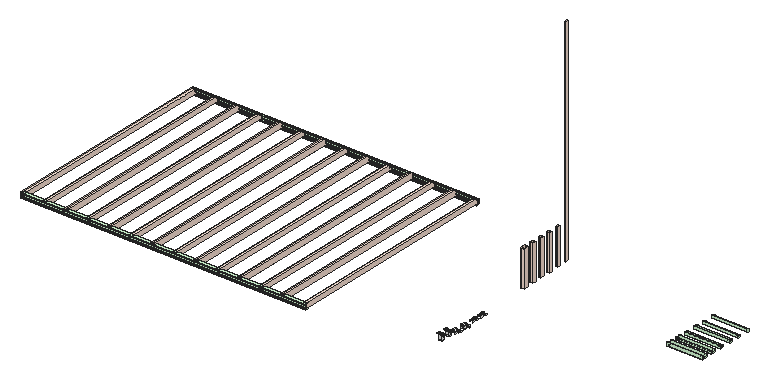
Revit family "SQ天井.", category 一般モデル, Revit 2022
Family settings
  鉄筋をホスト可能 = いいえ
  丸型コネクタ寸法 = 直径を使用
  パーツ タイプ = 標準
  作業面ベース = いいえ
  常に垂直 = はい
  ロード時にボイドで切り取り = いいえ
  注釈の向きを維持 = いいえ
  共有 = いいえ
  部屋計算ポイント = いいえ
Parameters
  製造元 = "株式会社桐井製作所"
  既定の高さ = 0 mm
  URL = "https://www.kirii.co.jp/"
  K_名称 = "SQ天井工法"
  K_バージョン情報 = "20250901"
Reference planes
  plane 1 "中心(正面/背面)": y = 0
  plane 2: z = 0
  plane 3 "中心(左/右)": x = 0
Lines and regions (mm)
  model lines
    curve 1: line (2053.885, 1646.972, 3.706) -> (3803.885, 1646.972, 3.706)
    curve 2: line (2053.885, 1646.972, 0) -> (2053.885, 342.323, 0)
    curve 3: line (3803.885, 1646.972, 0) -> (3803.885, 342.323, 0)
    curve 4: line (4103.885, 1646.972, 0) -> (4103.885, 342.323, 0)
    curve 5: line (4103.885, 342.323, 3.706) -> (5853.885, 342.323, 3.706)
    curve 6: line (5853.885, 1646.972, 0) -> (5853.885, 342.323, 0)
    curve 7: line (4103.885, 1646.972, 3.706) -> (5853.885, 1646.972, 3.706)
    curve 8: line (2053.885, 142.323, 3.706) -> (3803.885, 142.323, 3.706)
    curve 9: line (2053.885, 142.323, 0) -> (2053.885, -1137.677, 0)
    curve 10: line (2053.885, -1137.677, 3.706) -> (3803.885, -1137.677, 3.706)
    curve 11: line (3803.885, 142.323, 0) -> (3803.885, -1137.677, 0)
    curve 12: line (2053.885, 342.323, 3.706) -> (3803.885, 342.323, 3.706)
Text (mm)
  text "JIS19型" at (-1841.604, 2062.91, 5447.439), in view "ビュー 1"
  text "スタッド" at (2194.065, 1518.272, -53.41), in view "{3D}"
  text "・SQ-BAR4020" at (2294.392, 1305.581, -53.41), in view "{3D}"
  text "・SQ-BAR4025" at (2294.392, 1153.599, -53.41), in view "{3D}"
  text "・SQ-BAR4040" at (2294.392, 1003.599, -53.41), in view "{3D}"
  text "・SQ-BAR4045" at (2294.392, 855.581, -53.41), in view "{3D}"
  text "・SQ-BAR4050" at (2294.392, 703.599, -53.41), in view "{3D}"
  text "ランナー" at (4244.065, 1518.272, -53.41), in view "{3D}"
  text "・SQ-ランナー20" at (4344.392, 1305.581, -53.41), in view "{3D}"
  text "・SQ-ランナー25" at (4344.392, 1153.599, -53.41), in view "{3D}"
  text "・SQ-ランナー40" at (4344.392, 1003.599, -53.41), in view "{3D}"
  text "・SQ-ランナー45" at (4344.392, 855.581, -53.41), in view "{3D}"
  text "・SQ-ランナー50" at (4344.392, 703.599, -53.41), in view "{3D}"
  text "SQ天井工法" at (-2610.049, 1856.504, -53.41), in view "{3D}"
  text "・SQ-ランナー65" at (4344.392, 553.599, -53.41), in view "{3D}"
  text "SQ関連部材" at (2194.065, 13.623, -53.41), in view "{3D}"
  text "・新SQハンガー" at (2294.392, -199.068, -53.41), in view "{3D}"
  text "・新SQハンガー4020" at (2294.392, -351.05, -53.41), in view "{3D}"
  text "・新SQ-Tクリップ" at (2294.392, -501.05, -53.41), in view "{3D}"
  text "・SQ-Tクリップ(4020用)" at (2294.392, -649.068, -53.41), in view "{3D}"
  text "・SQクリップ4040" at (2294.392, -801.05, -53.41), in view "{3D}"
  text "・SQ-BAR4565" at (2294.392, 553.599, -53.41), in view "{3D}"
  text "・SQクリップ4045" at (2294.392, -941.05, -53.41), in view "{3D}"
  text "※適用スパンを超える場合および、開口部に使用" at (2846.994, -1040.688, -53.41), in view "{3D}"
Dimensions and locks
  aligned and locked: level to plane 2
Nested families
  nested 1: "runner_wr50" at (5032.945, 662.338, 0), type "runner_wr50"
    with K_長さ(mm) 500 mm, K_JIS外 no, K_JIS yes
  nested 2: "runner_wr65" at (5032.945, 512.338, 0), type "runner_wr65"
    with K_長さ(mm) 500 mm, K_JIS外 no, K_JIS yes
  nested 3: "sqrunner_20" at (5032.945, 1266.972, 0), type "sqrunner_20"
    with K_長さ(mm) 500 mm
  nested 4: "sqrunner_25" at (5032.945, 1111.972, 0), type "sqrunner_25"
    with K_長さ(mm) 500 mm
  nested 5: "sq4025" at (2991.541, 1116.902, 0), type "sq4025"
    with K_長さ(mm) 500 mm
  nested 6: "sqrunner_40" at (5032.945, 966.972, 0), type "sqrunner_40"
    with K_長さ(mm) 500 mm
  nested 7: "sq4040" at (2999.01, 963.691, 0), type "sq4040"
    with K_長さ(mm) 500 mm
  nested 8: "sqrunner_45" at (5032.945, 811.972, 0), type "sqrunner_45"
    with K_長さ(mm) 500 mm
  nested 9: "sq4045" at (2999.01, 819.472, 0), type "sq4045"
    with K_長さ(mm) 500 mm
  nested 10: "sq4050" at (2999.01, 672.219, 0), type "sq4050"
    with K_長さ(mm) 500 mm
  nested 11: "sq4565" at (3001.51, 527.323, 0), type "sq4565"
    with K_長さ(mm) 500 mm
  nested 12: "newsqhanger_4020" at (3023.885, -397.677, 0), type "newsqhanger_4020"
  nested 13: "newsqhanger" at (3023.885, -257.677, 0), type "newsqhanger"
  nested 14: "newsq-tclip_4020" at (3023.885, -707.677, 0), type "newsq-tclip_4020"
  nested 15: "newsq-tclip" at (3023.885, -552.677, 0), type "newsq-tclip"
  nested 16: "sqclip_4045" at (3023.885, -957.677, 0), type "sqclip_4045"
  nested 17: "sqclip_4040" at (3023.885, -837.677, 0), type "sqclip_4040"
  nested 18: "runner_wr65" at (-2546.115, 1656.972, 33.5) x (1, 0, 0) z (0, -1, 0), type "runner_wr65"
    with K_長さ(mm) 4000 mm, K_JIS外 no, K_JIS yes
  nested 19: "runner_wr65" at (-2546.115, -1365.447, 33.5) x (1, 0, 0) z (0, 1, 0), type "runner_wr65"
    with K_長さ(mm) 4000 mm, K_JIS外 no, K_JIS yes
  nested 20: "sq4565" at (-2523.615, -1353.828, 33.49) x (1, 0, 0) z (0, 1, 0), type "sq4565"
    with K_長さ(mm) 3000 mm
  nested 21: "sq4565" at (-2220.615, -1353.828, 33.49) x (1, 0, 0) z (0, 1, 0), type "sq4565"
    with K_長さ(mm) 3000 mm
  nested 22: "sq4565" at (-1917.615, -1353.828, 33.49) x (1, 0, 0) z (0, 1, 0), type "sq4565"
    with K_長さ(mm) 3000 mm
  nested 23: "sq4565" at (-1614.615, -1353.828, 33.49) x (1, 0, 0) z (0, 1, 0), type "sq4565"
    with K_長さ(mm) 3000 mm
  nested 24: "sq4565" at (-1311.615, -1353.828, 33.49) x (1, 0, 0) z (0, 1, 0), type "sq4565"
    with K_長さ(mm) 3000 mm
  nested 25: "sq4565" at (-1008.115, -1353.828, 33.49) x (1, 0, 0) z (0, 1, 0), type "sq4565"
    with K_長さ(mm) 3000 mm
  nested 26: "sq4565" at (-705.115, -1353.828, 33.49) x (1, 0, 0) z (0, 1, 0), type "sq4565"
    with K_長さ(mm) 3000 mm
  nested 27: "sq4565" at (-402.115, -1353.828, 33.49) x (1, 0, 0) z (0, 1, 0), type "sq4565"
    with K_長さ(mm) 3000 mm
  nested 28: "sq4565" at (-99.115, -1353.828, 33.49) x (1, 0, 0) z (0, 1, 0), type "sq4565"
    with K_長さ(mm) 3000 mm
  nested 29: "sq4565" at (203.885, -1353.828, 33.49) x (1, 0, 0) z (0, 1, 0), type "sq4565"
    with K_長さ(mm) 3000 mm
  nested 30: "sq4565" at (506.885, -1353.828, 33.49) x (1, 0, 0) z (0, 1, 0), type "sq4565"
    with K_長さ(mm) 3000 mm
  nested 31: "sq4565" at (810.385, -1353.828, 33.49) x (1, 0, 0) z (0, 1, 0), type "sq4565"
    with K_長さ(mm) 3000 mm
  nested 32: "sq4565" at (1113.385, -1353.828, 33.49) x (1, 0, 0) z (0, 1, 0), type "sq4565"
    with K_長さ(mm) 3000 mm
  nested 33: "sq4565" at (1416.885, -1353.828, 33.49) x (1, 0, 0) z (0, 1, 0), type "sq4565"
    with K_長さ(mm) 3000 mm
  nested 34: "sq4020." at (2989.01, 1273.456, 0), type "sq4020."
    with K_長さ(mm) 3000 mm
Definition of nested family "runner_wr50"
  Parameters (values of type "runner_wr50")
    Manufacturer = "株式会社桐井製作所"
    Default Elevation = 0 mm
    URL = "https://www.kirii.co.jp/"
    K_長さ(mm) [instance] = 4000 mm
    K_材質 = "SGCCまたはSGHC　一般用"
    K_断面積A(mm2) = 103.5
    K_断面係数Zy(mm3) = 1921
    K_断面係数Zx(mm3) = 651.9
    K_断面2次半径iy(mm) = 22
    K_断面2次半径ix(mm) = 13.2
    K_断面2次モーメントIy(mm4) = 49970
    K_断面2次モーメントIx(mm4) = 17920
    K_外形寸法(mm) = "52×40×0.8"
    K_品名 = "WR-50"
    K_名称 = "ランナー"
    K_単位質量(kg/m) = 0.836
    K_ヤング係数E(N/mm2) = 205000
    K_バージョン情報 = "20210524"
    K_めっき付着量 = "Z12"
    K_JIS規格 = "JIS G 3302"
    K_JIS外 [instance] = not(K_JIS)  # no
    K_JIS [instance] = yes
  Reference planes
    plane 1 "中心(正面/背面)": y = 0
    plane 2: z = 0
    plane 3 "中心(左/右)": x = 0
    plane 4: x = 4000
    plane 5: y = -26
    plane 6: y = 26
    plane 7: z = 40
    plane 8: y = 26
    plane 9: y = -26
  Forms (mm)
    Extrusion 1, solid
      sketch origin (0, 0, 0) x (0, 1, 0) y (0, 0, 1)
        loop
          line (-26, 0) -> (-16.01, 0) -> (-15.21, 0.8) -> (-6.81, 0.8) -> (-6.01, 0) -> (5.962, 0) -> (6.781, 0.819) -> (15.181, 0.819) -> (16, 0) -> (26, 0) -> (26, 40) -> (25.2, 40) -> (25.2, 0.8) -> (16.331, 0.8) -> (15.512, 1.619) -> (6.449, 1.619) -> (5.63, 0.8) -> (-5.679, 0.8) -> (-6.479, 1.6) -> (-15.541, 1.6) -> (-16.341, 0.8) -> (-25.2, 0.8) -> (-25.2, 40) -> (-26, 40) -> (-26, 0)
      from 0 to 4000
  Dimensions and locks
    "K_長さ(mm)": plane 3 "中心(左/右)" to plane 4
    aligned and locked: level to plane 2
    aligned and locked: plane 4 to Extrusion 1
    aligned and locked: Extrusion 1 sketch curve to plane 6
    aligned and locked: plane 5 to Extrusion 1 sketch curve
    aligned and locked: Extrusion 1 to plane 4
  Automatic sketch dimensions
    Extrusion 1 sketch curve to plane 7 = 0 mm  (x2)
    Extrusion 1 sketch curve to level = 0 mm  (x3)
    level to Extrusion 1 sketch curve = 0.8 mm  (x4)
    Extrusion 1 sketch curve to Extrusion 1 sketch curve = 0.331 mm  (x8)
    level to Extrusion 1 sketch curve = 1.6 mm
    Extrusion 1 sketch curve to Extrusion 1 sketch curve = 0.8 mm  (x2)
    plane 1 "中心(正面/背面)" to Extrusion 1 sketch curve = 6.81 mm
    Extrusion 1 sketch curve to plane 1 "中心(正面/背面)" = 5.63 mm
    Extrusion 1 sketch curve to Extrusion 1 sketch curve = 0.819 mm  (x2)
    level to Extrusion 1 sketch curve = 0.819 mm
    Extrusion 1 sketch curve to Extrusion 1 sketch curve = 8.4 mm
    level to Extrusion 1 sketch curve = 1.619 mm
    plane 6 to Extrusion 1 sketch curve = 0.8 mm
    Extrusion 1 sketch curve to plane 5 = 0.8 mm
    Extrusion 1 sketch curve to Extrusion 1 sketch curve = 8.859 mm
Definition of nested family "runner_wr65"
  Parameters (values of type "runner_wr65")
    Manufacturer = "株式会社桐井製作所"
    Default Elevation = 0 mm
    URL = "https://www.kirii.co.jp/"
    K_長さ(mm) [instance] = 4000 mm
    K_材質 = "SGCCまたはSGHC　一般用"
    K_断面積A(mm2) = 115.5
    K_断面係数Zy(mm3) = 2624
    K_断面係数Zx(mm3) = 678.4
    K_断面2次半径iy(mm) = 27.6
    K_断面2次半径ix(mm) = 13
    K_断面2次モーメントIy(mm4) = 87930
    K_断面2次モーメントIx(mm4) = 19500
    K_外形寸法(mm) = "67×40×0.8"
    K_品名 = "WR-65"
    K_名称 = "ランナー"
    K_単位質量(kg/m) = 0.933
    K_ヤング係数E(N/mm2) = 205000
    K_バージョン情報 = "20210524"
    K_めっき付着量 = "Z12"
    K_JIS規格 = "JIS G 3302"
    K_JIS外 [instance] = not(K_JIS)  # no
    K_JIS [instance] = yes
  Reference planes
    plane 1 "中心(正面/背面)": y = 0
    plane 2: z = 0
    plane 3 "中心(左/右)": x = 0
    plane 4: x = 4000
    plane 5: y = -33.5
    plane 6: y = 33.5
    plane 7: y = 33.5
    plane 8: y = -33.5
    plane 9: z = 40
  Forms (mm)
    Extrusion 1, solid
      sketch origin (0, 0, 0) x (0, 1, 0) y (0, 0, 1)
        loop
          line (13.491, 0) -> (14.31, 0.819) -> (22.71, 0.819) -> (23.529, 0) -> (33.5, 0) -> (33.5, 40) -> (32.7, 40) -> (32.7, 0.8) -> (23.86, 0.8) -> (23.041, 1.619) -> (13.979, 1.619) -> (13.159, 0.8) -> (-13.179, 0.8) -> (-13.979, 1.6) -> (-23.041, 1.6) -> (-23.841, 0.8) -> (-32.7, 0.8) -> (-32.7, 40) -> (-33.5, 40) -> (-33.5, 0) -> (-23.51, 0) -> (-22.71, 0.8) -> (-14.31, 0.8) -> (-13.51, 0) -> (13.491, 0)
      from 0 to 4000
  Dimensions and locks
    "K_長さ(mm)": plane 3 "中心(左/右)" to plane 4
    aligned and locked: level to plane 2
    aligned and locked: plane 4 to Extrusion 1
    aligned and locked: Extrusion 1 sketch curve to plane 6
    aligned and locked: plane 5 to Extrusion 1 sketch curve
    aligned and locked: Extrusion 1 to plane 4
  Automatic sketch dimensions
    Extrusion 1 sketch curve to level = 0 mm  (x3)
    Extrusion 1 sketch curve to Extrusion 1 sketch curve = 0.8 mm  (x5)
    level to Extrusion 1 sketch curve = 0.8 mm  (x4)
    Extrusion 1 sketch curve to Extrusion 1 sketch curve = 8.859 mm
    Extrusion 1 sketch curve to Extrusion 1 sketch curve = 0.331 mm  (x8)
    Extrusion 1 sketch curve to Extrusion 1 sketch curve = 8.4 mm  (x2)
    level to Extrusion 1 sketch curve = 1.6 mm
    Extrusion 1 sketch curve to plane 1 "中心(正面/背面)" = 13.159 mm
    Extrusion 1 sketch curve to Extrusion 1 sketch curve = 0.819 mm  (x2)
    level to Extrusion 1 sketch curve = 0.819 mm
    Extrusion 1 sketch curve to Extrusion 1 sketch curve = 39.2 mm  (x2)
Definition of nested family "sqrunner_20"
  Parameters (values of type "sqrunner_20")
    Manufacturer = "株式会社桐井製作所"
    Default Elevation = 0 mm
    URL = "https://www.kirii.co.jp/"
    K_長さ(mm) [instance] = 4000 mm
    K_材質 = "SGCC　一般用"
    K_外形寸法(mm) = "22×40×30"
    K_品名 = "SQ-ランナー20"
    K_名称 = "角型スタッド用ランナー"
    K_バージョン情報 = "20210524"
    K_めっき付着量 = "Z08"
    K_JIS規格 = "JIS G 3302"
  Reference planes
    plane 1 "中心(正面/背面)": y = 0
    plane 2: z = 0
    plane 3 "中心(左/右)": x = 0
    plane 4: x = 4000
    plane 5: y = 11
    plane 6: y = -11
  Forms (mm)
    Extrusion 1, solid
      sketch origin (0, 0, 0) x (0, 1, 0) y (0, 0, 1)
        loop
          line (-11, 0) -> (11, 0) -> (11, 30) -> (10.2, 30) -> (10.2, 0.8) -> (-10.2, 0.8) -> (-10.2, 40) -> (-11, 40) -> (-11, 0)
      from 0 to 4000
  Dimensions and locks
    "K_長さ(mm)": plane 3 "中心(左/右)" to plane 4
    aligned and locked: level to plane 2
    aligned and locked: plane 4 to Extrusion 1
    aligned and locked: Extrusion 1 to plane 4
  Automatic sketch dimensions
    Extrusion 1 sketch curve to level = 0 mm
    Extrusion 1 sketch curve to plane 6 = 0 mm
    Extrusion 1 sketch curve to Extrusion 1 sketch curve = 0.8 mm  (x2)
    level to Extrusion 1 sketch curve = 0.8 mm
    Extrusion 1 sketch curve to Extrusion 1 sketch curve = 39.2 mm
    Extrusion 1 sketch curve to Extrusion 1 sketch curve = 29.2 mm
    Extrusion 1 sketch curve to plane 5 = 0 mm
Definition of nested family "sqrunner_25"
  Parameters (values of type "sqrunner_25")
    Manufacturer = "株式会社桐井製作所"
    Default Elevation = 0 mm
    URL = "https://www.kirii.co.jp/"
    K_長さ(mm) [instance] = 4000 mm
    K_材質 = "SGCC　一般用"
    K_外形寸法(mm) = "27×40×30"
    K_品名 = "SQ-ランナー25"
    K_名称 = "角型スタッド用ランナー"
    K_バージョン情報 = "20210524"
    K_めっき付着量 = "Z08"
    K_JIS規格 = "JIS G 3302"
  Reference planes
    plane 1 "中心(正面/背面)": y = 0
    plane 2: z = 0
    plane 3 "中心(左/右)": x = 0
    plane 4: x = 4000
    plane 5: y = 13.5
    plane 6: y = -13.5
  Forms (mm)
    Extrusion 1, solid
      sketch origin (0, 0, 0) x (0, 1, 0) y (0, 0, 1)
        loop
          line (-13.5, 0) -> (13.5, 0) -> (13.5, 30) -> (12.7, 30) -> (12.7, 0.8) -> (-12.7, 0.8) -> (-12.7, 40) -> (-13.5, 40) -> (-13.5, 0)
      from 0 to 4000
  Dimensions and locks
    "K_長さ(mm)": plane 3 "中心(左/右)" to plane 4
    aligned and locked: level to plane 2
    aligned and locked: plane 4 to Extrusion 1
    aligned and locked: Extrusion 1 to plane 4
  Automatic sketch dimensions
    Extrusion 1 sketch curve to level = 0 mm
    Extrusion 1 sketch curve to plane 6 = 0 mm
    Extrusion 1 sketch curve to Extrusion 1 sketch curve = 0.8 mm  (x2)
    level to Extrusion 1 sketch curve = 0.8 mm
    Extrusion 1 sketch curve to Extrusion 1 sketch curve = 39.2 mm
    Extrusion 1 sketch curve to Extrusion 1 sketch curve = 29.2 mm
    Extrusion 1 sketch curve to plane 5 = 0 mm
Definition of nested family "sq4025"
  Parameters (values of type "sq4025")
    Manufacturer = "株式会社桐井製作所"
    Default Elevation = 0 mm
    URL = "https://www.kirii.co.jp/"
    K_長さ(mm) [instance] = 3000 mm
    K_材質 = "SGCC　一般用"
    K_断面積A(mm2) = 61.3
    K_断面係数Zy(mm3) = 657.2
    K_断面係数Zx(mm3) = 488.3
    K_断面2次半径iy(mm) = 15.3
    K_断面2次半径ix(mm) = 10
    K_断面2次モーメントIy(mm4) = 14330
    K_断面2次モーメントIx(mm4) = 6104
    K_外形寸法(mm) = "□40×25"
    K_品名 = "SQ-BAR4025"
    K_名称 = "角型スタッド"
    K_単位質量(kg/m) = 0.498
    K_ヤング係数E(N/mm2) = 205000
    K_バージョン情報 = "20210524"
    K_めっき付着量 = "Z08"
    K_JIS規格 = "JIS G 3302"
  Reference planes
    plane 1 "中心(正面/背面)": y = 0
    plane 2: z = 0
    plane 3 "中心(左/右)": x = 0
    plane 4: x = 12.5
    plane 5: x = -12.5
    plane 6: y = 20
    plane 7: z = 3000
    plane 8: y = -20
  Forms (mm)
    Extrusion 1, solid
      sketch origin (0.5, -20, 0) x (1, 0, 0) y (0, 1, 0)
        loop
          line (-13, 40) -> (-13, 0) -> (12, 0) -> (12, 40) -> (-13, 40)
        loop
          line (-12.5, 39.5) -> (-12.5, 0.5) -> (11.5, 0.5) -> (11.5, 39.5) -> (-12.5, 39.5)
      from 0 to 3000
  Dimensions and locks
    locked: Extrusion 1 sketch curve to Extrusion 1 sketch curve at 0.5  (x4)
    "K_長さ(mm)": plane 7 to level
    aligned and locked: level to plane 2
    aligned and locked: Extrusion 1 sketch curve to plane 6
    aligned and locked: plane 7 to Extrusion 1
    aligned and locked: plane 6 to Extrusion 1
    aligned and locked: Extrusion 1 to plane 8
    aligned and locked: Extrusion 1 to plane 5
    aligned and locked: plane 4 to Extrusion 1
  Automatic sketch dimensions
    Extrusion 1 sketch curve to plane 4 = 0.5 mm
    plane 5 to Extrusion 1 sketch curve = 0.5 mm
    plane 1 "中心(正面/背面)" to Extrusion 1 sketch curve = 19.5 mm
Definition of nested family "sqrunner_40"
  Parameters (values of type "sqrunner_40")
    Manufacturer = "株式会社桐井製作所"
    Default Elevation = 0 mm
    URL = "https://www.kirii.co.jp/"
    K_長さ(mm) [instance] = 4000 mm
    K_材質 = "SGCC　一般用"
    K_外形寸法(mm) = "42×40×30"
    K_品名 = "SQ-ランナー40"
    K_名称 = "角型スタッド用ランナー"
    K_バージョン情報 = "20210524"
    K_めっき付着量 = "Z08"
    K_JIS規格 = "JIS G 3302"
  Reference planes
    plane 1 "中心(正面/背面)": y = 0
    plane 2: z = 0
    plane 3 "中心(左/右)": x = 0
    plane 4: x = 4000
    plane 5: y = 21
    plane 6: y = -21
  Forms (mm)
    Extrusion 1, solid
      sketch origin (0, 0, 0) x (0, 1, 0) y (0, 0, 1)
        loop
          line (-21, 0) -> (21, 0) -> (21, 30) -> (20.2, 30) -> (20.2, 0.8) -> (-20.2, 0.8) -> (-20.2, 40) -> (-21, 40) -> (-21, 0)
      from 0 to 4000
  Dimensions and locks
    "K_長さ(mm)": plane 3 "中心(左/右)" to plane 4
    aligned and locked: level to plane 2
    aligned and locked: plane 4 to Extrusion 1
    aligned and locked: Extrusion 1 to plane 4
  Automatic sketch dimensions
    Extrusion 1 sketch curve to level = 0 mm
    Extrusion 1 sketch curve to plane 6 = 0 mm
    Extrusion 1 sketch curve to Extrusion 1 sketch curve = 0.8 mm  (x2)
    level to Extrusion 1 sketch curve = 0.8 mm
    Extrusion 1 sketch curve to Extrusion 1 sketch curve = 39.2 mm
    Extrusion 1 sketch curve to Extrusion 1 sketch curve = 29.2 mm
    Extrusion 1 sketch curve to plane 5 = 0 mm
Definition of nested family "sq4040"
  Parameters (values of type "sq4040")
    Manufacturer = "株式会社桐井製作所"
    Default Elevation = 0 mm
    URL = "https://www.kirii.co.jp/"
    K_長さ(mm) [instance] = 3000 mm
    K_材質 = "SGCC　一般用"
    K_断面積A(mm2) = 76.8
    K_断面係数Zy(mm3) = 944.7
    K_断面係数Zx(mm3) = 889
    K_断面2次半径iy(mm) = 16.3
    K_断面2次半径ix(mm) = 15.2
    K_断面2次モーメントIy(mm4) = 20440
    K_断面2次モーメントIx(mm4) = 17780
    K_外形寸法(mm) = "□40×40"
    K_品名 = "SQ-BAR4040"
    K_名称 = "角型スタッド"
    K_単位質量(kg/m) = 0.624
    K_ヤング係数E(N/mm2) = 205000
    K_バージョン情報 = "20210524"
    K_めっき付着量 = "Z08"
    K_JIS規格 = "JIS G 3302"
  Reference planes
    plane 1 "中心(正面/背面)": y = 0
    plane 2: z = 0
    plane 3 "中心(左/右)": x = 0
    plane 4: x = 20
    plane 5: x = -20
    plane 6: y = 20
    plane 7: z = 3000
    plane 8: y = -20
  Forms (mm)
    Extrusion 1, solid
      sketch origin (0.5, -20, 0) x (1, 0, 0) y (0, 1, 0)
        loop
          line (-20.5, 40) -> (-20.5, 0) -> (19.5, 0) -> (19.5, 40) -> (-20.5, 40)
        loop
          line (-20, 39.5) -> (-20, 0.5) -> (19, 0.5) -> (19, 39.5) -> (-20, 39.5)
      from 0 to 3000
  Dimensions and locks
    locked: Extrusion 1 sketch curve to Extrusion 1 sketch curve at 0.5  (x4)
    "K_長さ(mm)": plane 7 to level
    aligned and locked: level to plane 2
    aligned and locked: Extrusion 1 sketch curve to plane 6
    aligned and locked: plane 7 to Extrusion 1
    aligned and locked: plane 6 to Extrusion 1
    aligned and locked: Extrusion 1 to plane 8
    aligned and locked: Extrusion 1 to plane 5
    aligned and locked: plane 4 to Extrusion 1
  Automatic sketch dimensions
    Extrusion 1 sketch curve to plane 4 = 0.5 mm
    plane 5 to Extrusion 1 sketch curve = 0.5 mm
    plane 1 "中心(正面/背面)" to Extrusion 1 sketch curve = 19.5 mm
Definition of nested family "sqrunner_45"
  Parameters (values of type "sqrunner_45")
    Manufacturer = "株式会社桐井製作所"
    Default Elevation = 0 mm
    URL = "https://www.kirii.co.jp/"
    K_長さ(mm) [instance] = 4000 mm
    K_材質 = "SGCC　一般用"
    K_外形寸法(mm) = "47×40×30"
    K_品名 = "SQ-ランナー45"
    K_名称 = "角型スタッド用ランナー"
    K_バージョン情報 = "20210524"
    K_めっき付着量 = "Z08"
    K_JIS規格 = "JIS G 3302"
  Reference planes
    plane 1 "中心(正面/背面)": y = 0
    plane 2: z = 0
    plane 3 "中心(左/右)": x = 0
    plane 4: x = 4000
    plane 5: y = 23.5
    plane 6: y = -23.5
  Forms (mm)
    Extrusion 1, solid
      sketch origin (0, 0, 0) x (0, 1, 0) y (0, 0, 1)
        loop
          line (-23.5, 0) -> (23.5, 0) -> (23.5, 30) -> (22.7, 30) -> (22.7, 0.8) -> (-22.7, 0.8) -> (-22.7, 40) -> (-23.5, 40) -> (-23.5, 0)
      from 0 to 4000
  Dimensions and locks
    "K_長さ(mm)": plane 3 "中心(左/右)" to plane 4
    aligned and locked: level to plane 2
    aligned and locked: plane 4 to Extrusion 1
    aligned and locked: Extrusion 1 to plane 4
  Automatic sketch dimensions
    Extrusion 1 sketch curve to level = 0 mm
    Extrusion 1 sketch curve to plane 6 = 0 mm
    Extrusion 1 sketch curve to Extrusion 1 sketch curve = 0.8 mm  (x2)
    level to Extrusion 1 sketch curve = 0.8 mm
    Extrusion 1 sketch curve to Extrusion 1 sketch curve = 39.2 mm
    Extrusion 1 sketch curve to Extrusion 1 sketch curve = 29.2 mm
    Extrusion 1 sketch curve to plane 5 = 0 mm
Definition of nested family "sq4045"
  Parameters (values of type "sq4045")
    Manufacturer = "株式会社桐井製作所"
    Default Elevation = 0 mm
    URL = "https://www.kirii.co.jp/"
    K_長さ(mm) [instance] = 3000 mm
    K_材質 = "SGCC　一般用"
    K_断面積A(mm2) = 81.1
    K_断面係数Zy(mm3) = 1027
    K_断面係数Zx(mm3) = 1037
    K_断面2次半径iy(mm) = 16.5
    K_断面2次半径ix(mm) = 17
    K_断面2次モーメントIy(mm4) = 22130
    K_断面2次モーメントIx(mm4) = 23340
    K_外形寸法(mm) = "□40×45"
    K_品名 = "SQ-BAR4045"
    K_名称 = "角型スタッド"
    K_単位質量(kg/m) = 0.659
    K_ヤング係数E(N/mm2) = 205000
    K_バージョン情報 = "20210524"
    K_めっき付着量 = "Z08"
    K_JIS規格 = "JIS G 3302"
  Reference planes
    plane 1 "中心(正面/背面)": y = 0
    plane 2: z = 0
    plane 3 "中心(左/右)": x = 0
    plane 4: x = 20
    plane 5: x = -20
    plane 6: y = 22.5
    plane 7: z = 3000
    plane 8: y = -22.5
  Forms (mm)
    Extrusion 1, solid
      sketch origin (0.5, -20, 0) x (1, 0, 0) y (0, 1, 0)
        loop
          line (-20.5, 42.5) -> (-20.5, -2.5) -> (19.5, -2.5) -> (19.5, 42.5) -> (-20.5, 42.5)
        loop
          line (-20, 42) -> (-20, -2) -> (19, -2) -> (19, 42) -> (-20, 42)
      from 0 to 3000
  Dimensions and locks
    locked: Extrusion 1 sketch curve to Extrusion 1 sketch curve at 0.5  (x4)
    "K_長さ(mm)": plane 7 to level
    aligned and locked: level to plane 2
    aligned and locked: Extrusion 1 sketch curve to plane 6
    aligned and locked: plane 7 to Extrusion 1
    aligned and locked: plane 6 to Extrusion 1
    aligned and locked: Extrusion 1 to plane 8
    aligned and locked: plane 4 to Extrusion 1
    aligned and locked: Extrusion 1 to plane 5
  Automatic sketch dimensions
    Extrusion 1 sketch curve to plane 4 = 0.5 mm
    plane 5 to Extrusion 1 sketch curve = 0.5 mm
    plane 1 "中心(正面/背面)" to Extrusion 1 sketch curve = 22 mm
Definition of nested family "sq4050"
  Parameters (values of type "sq4050")
    Manufacturer = "株式会社桐井製作所"
    Default Elevation = 0 mm
    URL = "https://www.kirii.co.jp/"
    K_長さ(mm) [instance] = 3000 mm
    K_材質 = "SGCC　一般用"
    K_断面積A(mm2) = 85.4
    K_断面係数Zy(mm3) = 1109
    K_断面係数Zx(mm3) = 1193
    K_断面2次半径iy(mm) = 16.7
    K_断面2次半径ix(mm) = 18.7
    K_断面2次モーメントIy(mm4) = 23830
    K_断面2次モーメントIx(mm4) = 29840
    K_外形寸法(mm) = "□40×50"
    K_品名 = "SQ-BAR4050"
    K_名称 = "角型スタッド"
    K_単位質量(kg/m) = 0.694
    K_ヤング係数E(N/mm2) = 205000
    K_バージョン情報 = "20210524"
    K_めっき付着量 = "Z08"
    K_JIS規格 = "JIS G 3302"
  Reference planes
    plane 1 "中心(正面/背面)": y = 0
    plane 2: z = 0
    plane 3 "中心(左/右)": x = 0
    plane 4: x = 20
    plane 5: x = -20
    plane 6: y = 25
    plane 7: z = 3000
    plane 8: y = -25
  Forms (mm)
    Extrusion 1, solid
      sketch origin (0.5, -20, 0) x (1, 0, 0) y (0, 1, 0)
        loop
          line (-20.5, 45) -> (-20.5, -5) -> (19.5, -5) -> (19.5, 45) -> (-20.5, 45)
        loop
          line (-20, 44.5) -> (-20, -4.5) -> (19, -4.5) -> (19, 44.5) -> (-20, 44.5)
      from 0 to 3000
  Dimensions and locks
    locked: Extrusion 1 sketch curve to Extrusion 1 sketch curve at 0.5  (x4)
    "K_長さ(mm)": plane 7 to level
    aligned and locked: level to plane 2
    aligned and locked: Extrusion 1 sketch curve to plane 6
    aligned and locked: plane 7 to Extrusion 1
    aligned and locked: plane 6 to Extrusion 1
    aligned and locked: Extrusion 1 to plane 8
    aligned and locked: Extrusion 1 to plane 5
    aligned and locked: plane 4 to Extrusion 1
  Automatic sketch dimensions
    Extrusion 1 sketch curve to plane 4 = 0.5 mm
    plane 5 to Extrusion 1 sketch curve = 0.5 mm
    plane 1 "中心(正面/背面)" to Extrusion 1 sketch curve = 24.5 mm
Definition of nested family "sq4565"
  Parameters (values of type "sq4565")
    Manufacturer = "株式会社桐井製作所"
    Default Elevation = 0 mm
    URL = "https://www.kirii.co.jp/"
    K_長さ(mm) [instance] = 3000 mm
    K_材質 = "SGCC　一般用"
    K_断面積A(mm2) = 102.5
    K_断面係数Zy(mm3) = 1560
    K_断面係数Zx(mm3) = 1830
    K_断面2次半径iy(mm) = 19.1
    K_断面2次半径ix(mm) = 24.1
    K_断面2次モーメントIy(mm4) = 37280
    K_断面2次モーメントIx(mm4) = 59490
    K_外形寸法(mm) = "□45×65"
    K_品名 = "SQ-BAR4565"
    K_名称 = "角型スタッド"
    K_単位質量(kg/m) = 0.833
    K_ヤング係数E(N/mm2) = 205000
    K_バージョン情報 = "20210524"
    K_めっき付着量 = "Z08"
    K_JIS規格 = "JIS G 3302"
  Reference planes
    plane 1 "中心(正面/背面)": y = 0
    plane 2: z = 0
    plane 3 "中心(左/右)": x = 0
    plane 4: x = 22.5
    plane 5: x = -22.5
    plane 6: y = 32.5
    plane 7: z = 3000
    plane 8: y = -32.5
  Forms (mm)
    Extrusion 1, solid
      sketch origin (0.5, -20, 0) x (1, 0, 0) y (0, 1, 0)
        loop
          line (-23, 52.5) -> (-23, -12.5) -> (22, -12.5) -> (22, 52.5) -> (-23, 52.5)
        loop
          line (-22.5, 52) -> (-22.5, -12) -> (21.5, -12) -> (21.5, 52) -> (-22.5, 52)
      from 0 to 3000
  Dimensions and locks
    locked: Extrusion 1 sketch curve to Extrusion 1 sketch curve at 0.5  (x4)
    "K_長さ(mm)": plane 7 to level
    aligned and locked: level to plane 2
    aligned and locked: Extrusion 1 sketch curve to plane 6
    aligned and locked: plane 7 to Extrusion 1
    aligned and locked: plane 6 to Extrusion 1
    aligned and locked: Extrusion 1 to plane 8
    aligned and locked: Extrusion 1 to plane 5
    aligned and locked: plane 4 to Extrusion 1
  Automatic sketch dimensions
    Extrusion 1 sketch curve to plane 4 = 0.5 mm
    plane 5 to Extrusion 1 sketch curve = 0.5 mm
    plane 1 "中心(正面/背面)" to Extrusion 1 sketch curve = 32 mm
Definition of nested family "newsqhanger_4020"
  Parameters (values of type "newsqhanger_4020")
    Manufacturer = "株式会社桐井製作所"
    Default Elevation = 0 mm
    URL = "https://www.kirii.co.jp/"
    K_材質 = "溶融亜鉛めっき鋼板"
    K_品名 = "新SQハンガー4020用"
    K_名称 = "SQ-BAR関連部材"
    K_入数 = "200"
    K_バージョン情報 = "20210524"
  Reference planes
    plane 1 "中心(正面/背面)": y = 0
    plane 2: z = 0
    plane 3 "中心(左/右)": x = 0
  Forms (mm)
    Extrusion 1, void
      sketch origin (0, 0, 0) x (1, 0, 0) y (0, 1, 0)
        loop
          line (8.8, 19.2) -> (8.8, -20.8) -> (35.25, -20.8) -> (35.25, 19.2) -> (8.8, 19.2)
      from 0 to 0.8
    Extrusion 2, solid
      sketch origin (-11, 14.25, 0) x (1, 0, 0) y (0, 0, 1)
        loop
          arc (20.8, -0.2) -> (20.507, 0.507) -> (19.8, 0.8) r 1
          line (19.8, 0.8) -> (18.952, 0.8) -> (18.952, 0) -> (20, 0) -> (20, -19.2) -> (20.8, -19.2) -> (20.8, -0.2)
      from -1.95 to 35.05
    Extrusion 3, solid
      sketch origin (0, 0, 0) x (1, 0, 0) y (0, 0, 1)
        loop
          line (-31, -19.2) -> (-31, 0) -> (35.25, 0) -> (35.25, 0.8) -> (-30.8, 0.8)
          arc (-30.8, 0.8) -> (-31.507, 0.507) -> (-31.8, -0.2) r 1
          line (-31.8, -0.2) -> (-31.8, -19.2) -> (-31, -19.2)
      from -43.4 to 20.8
    Extrusion 4, void
      sketch origin (0, 0, 0) x (1, 0, 0) y (0, 1, 0)
        loop
          circle (22.55, 31.7) r 5
      from 0 to 0.8
    Extrusion 5, void
      sketch origin (0, 0, 0) x (0, 1, 0) y (0, 0, 1)
        loop
          circle (6.2, -12) r 2.5
        loop
          circle (-10.8, -12) r 2.5
      from 10.115 to 8.8
    Extrusion 6, void
      sketch origin (0, 0, 0) x (0, 1, 0) y (0, 0, 1)
        loop
          circle (-10.8, -12) r 2.5
        loop
          circle (33.2, -12) r 2.5
      from -32 to -30.75
    Extrusion 7, solid
      sketch origin (0, 22.478, 0) x (0, -1, 0) y (0, 0, -1)
        loop
          line (-21.8, -10.8) -> (-21, -10.8) -> (-21, -0.8) -> (-19.562, -0.8) -> (-19.562, 0) -> (-20.8, 0)
          arc (-20.8, 0) -> (-21.507, -0.293) -> (-21.8, -1) r 1
          line (-21.8, -1) -> (-21.8, -10.8)
      from -30.8 to 35.25
  Cuts and joins
    Extrusion 4, Extrusion 5, Extrusion 6 cuts Extrusion 2
    Extrusion 1, Extrusion 4, Extrusion 5, Extrusion 6 cuts Extrusion 3
    joined: Extrusion 2, Extrusion 3, Extrusion 7
  Dimensions and locks
    aligned and locked: level to plane 2
Definition of nested family "newsqhanger"
  Parameters (values of type "newsqhanger")
    Manufacturer = "株式会社桐井製作所"
    Default Elevation = 0 mm
    URL = "https://www.kirii.co.jp/"
    K_材質 = "溶融亜鉛めっき鋼板"
    K_品名 = "新SQハンガー"
    K_名称 = "SQ-BAR関連部材"
    K_入数 = "240"
    K_バージョン情報 = "20210524"
  Reference planes
    plane 1 "中心(正面/背面)": y = 0
    plane 2: z = 0
    plane 3 "中心(左/右)": x = 0
  Forms (mm)
    Extrusion 1, void
      sketch origin (0, 0, 0) x (1, 0, 0) y (0, 1, 0)
        loop
          line (8.8, 19.2) -> (8.8, -20.8) -> (35.25, -20.8) -> (35.25, 19.2) -> (8.8, 19.2)
      from 0 to 0.8
    Extrusion 2, solid
      sketch origin (-11, 14.25, 0) x (1, 0, 0) y (0, 0, 1)
        loop
          arc (20.8, -0.2) -> (20.507, 0.507) -> (19.8, 0.8) r 1
          line (19.8, 0.8) -> (18.952, 0.8) -> (18.952, 0) -> (20, 0) -> (20, -29.2) -> (20.8, -29.2) -> (20.8, -0.2)
      from -1.95 to 35.05
    Extrusion 3, solid
      sketch origin (0, 0, 0) x (1, 0, 0) y (0, 0, 1)
        loop
          line (-31, -29.2) -> (-31, 0) -> (35.2, 0) -> (35.2, 0.8) -> (-30.8, 0.8)
          arc (-30.8, 0.8) -> (-31.507, 0.507) -> (-31.8, -0.2) r 1
          line (-31.8, -0.2) -> (-31.8, -29.2) -> (-31, -29.2)
      from -43.4 to 20.8
    Extrusion 4, void
      sketch origin (0, 0, 0) x (1, 0, 0) y (0, 1, 0)
        loop
          circle (22.55, 31.7) r 5
      from 0 to 0.8
    Extrusion 5, void
      sketch origin (0, 0, 0) x (0, 1, 0) y (0, 0, 1)
        loop
          circle (33.3, -9.155) r 2.5
        loop
          circle (11.2, -24.2) r 2.5
        loop
          circle (-10.7, -9.175) r 2.5
      from -32 to -30.75
    Extrusion 6, solid
      sketch origin (0, 22.498, 0) x (0, -1, 0) y (0, 0, -1)
        loop
          line (-21.8, -10.8) -> (-21, -10.8) -> (-21, -0.8) -> (-19.322, -0.8) -> (-19.322, 0) -> (-20.8, 0)
          arc (-20.8, 0) -> (-21.507, -0.293) -> (-21.8, -1) r 1
          line (-21.8, -1) -> (-21.8, -10.8)
      from -30.893 to 35.25
    Extrusion 7, void
      sketch origin (0, 0, 0) x (0, 1, 0) y (0, 0, 1)
        loop
          circle (6.2, -9.2) r 2.5
        loop
          circle (-10.8, -24.2) r 2.5
      from 9 to 9.8
  Cuts and joins
    Extrusion 4, Extrusion 5, Extrusion 7 cuts Extrusion 2
    Extrusion 1, Extrusion 4, Extrusion 5, Extrusion 7 cuts Extrusion 3
    joined: Extrusion 2, Extrusion 3, Extrusion 6
  Dimensions and locks
    aligned and locked: level to plane 2
Definition of nested family "newsq-tclip_4020"
  Parameters (values of type "newsq-tclip_4020")
    Manufacturer = "株式会社桐井製作所"
    Default Elevation = 0 mm
    URL = "https://www.kirii.co.jp/"
    K_材質 = "溶融亜鉛めっき鋼板"
    K_品名 = "新SQ-Tクリップ4020用"
    K_名称 = "SQ-BAR関連部材"
    K_バージョン情報 = "20210524"
  Reference planes
    plane 1 "中心(正面/背面)": y = 0
    plane 2: z = 0
    plane 3 "中心(左/右)": x = 0
  Forms (mm)
    Extrusion 1, solid
      sketch origin (0, 0, 0) x (0, 1, 0) y (0, 0, 1)
        loop
          line (0.8, -7.2) -> (0.8, 0) -> (40.8, 0) -> (40.8, -19.2) -> (41.6, -19.2) -> (41.6, -0.2)
          arc (41.6, -0.2) -> (41.307, 0.507) -> (40.6, 0.8) r 1
          line (40.6, 0.8) -> (1, 0.8)
          arc (1, 0.8) -> (0.293, 0.507) -> (0, -0.2) r 1
          line (0, -0.2) -> (0, -7.2) -> (0.8, -7.2)
      from -45.75 to 45.75
    Extrusion 2, solid
      sketch origin (0, 0, 0) x (1, 0, 0) y (0, 0, 1)
        loop
          line (-20, -19.2) -> (-20, 0) -> (20, 0) -> (20, -19.2) -> (20.8, -19.2) -> (20.8, -0.2)
          arc (20.8, -0.2) -> (20.507, 0.507) -> (19.8, 0.8) r 1
          line (19.8, 0.8) -> (-19.8, 0.8)
          arc (-19.8, 0.8) -> (-20.507, 0.507) -> (-20.8, -0.2) r 1
          line (-20.8, -0.2) -> (-20.8, -19.2) -> (-20, -19.2)
      from 40 to 10
    Extrusion 3, solid
      sketch origin (0, 0, 0) x (1, 0, 0) y (0, 0, 1)
        loop
          line (-20.8, 0) -> (20.8, 0) -> (20.8, 0.8) -> (-20.8, 0.8) -> (-20.8, 0)
      from 10 to -2.406
    Extrusion 4, void
      sketch origin (0, 0, 0) x (1, 0, 0) y (0, 0, 1)
        loop
          line (21.6, 0) -> (-21.6, 0) -> (-29.422, -7.822) -> (29.422, -7.822) -> (21.6, 0)
      from 0.231 to -1.03
    Extrusion 5, void
      sketch origin (0, 0, 10) x (0, 1, 0) y (0, 0, 1)
        loop
          circle (-25, -24.2) r 2
      from 20.8 to 20
    Extrusion 6, void
      sketch origin (-25.8, 0, 10) x (0, 1, 0) y (0, 0, 1)
        loop
          circle (-25, -24.2) r 2
      from 5.8 to 5
    Extrusion 7, void
      sketch origin (0, 0, 5) x (1, 0, 0) y (0, 0, 1)
        loop
          circle (-35.75, -19.2) r 2
        loop
          circle (35.75, -19.2) r 2
      from -40.8 to -41.6
    Extrusion 8, void
      sketch origin (0, 0, 0) x (1, 0, 0) y (0, 1, 0)
        loop
          circle (0, 16.6) r 2
      from 0.8 to 0
  Cuts and joins
    Extrusion 4, Extrusion 6, Extrusion 7, Extrusion 8 cuts Extrusion 1
    Extrusion 4, Extrusion 5, Extrusion 6, Extrusion 8 cuts Extrusion 2
    Extrusion 4, Extrusion 6, Extrusion 8 cuts Extrusion 3
    joined: Extrusion 1, Extrusion 2, Extrusion 3
  Dimensions and locks
    aligned and locked: level to plane 2
Definition of nested family "newsq-tclip"
  Parameters (values of type "newsq-tclip")
    Manufacturer = "株式会社桐井製作所"
    Default Elevation = 0 mm
    URL = "https://www.kirii.co.jp/"
    K_材質 = "溶融亜鉛めっき鋼板"
    K_品名 = "新SQ-Tクリップ"
    K_名称 = "SQ-BAR関連部材"
    K_入数 = "130"
    K_バージョン情報 = "20210524"
  Reference planes
    plane 1 "中心(正面/背面)": y = 0
    plane 2: z = 0
    plane 3 "中心(左/右)": x = 0
  Forms (mm)
    Extrusion 1, solid
      sketch origin (0, 0, 0) x (0, 1, 0) y (0, 0, 1)
        loop
          line (0.8, -7.2) -> (0.8, 0) -> (40.8, 0) -> (40.8, -29.2) -> (41.6, -29.2) -> (41.6, -0.2)
          arc (41.6, -0.2) -> (41.307, 0.507) -> (40.6, 0.8) r 1
          line (40.6, 0.8) -> (1, 0.8)
          arc (1, 0.8) -> (0.293, 0.507) -> (0, -0.2) r 1
          line (0, -0.2) -> (0, -7.2) -> (0.8, -7.2)
      from -45.75 to 45.75
    Extrusion 2, solid
      sketch origin (0, 0, 0) x (1, 0, 0) y (0, 0, 1)
        loop
          line (-20, -29.2) -> (-20, 0) -> (20, 0) -> (20, -29.2) -> (20.8, -29.2) -> (20.8, -0.2)
          arc (20.8, -0.2) -> (20.507, 0.507) -> (19.8, 0.8) r 1
          line (19.8, 0.8) -> (-19.8, 0.8)
          arc (-19.8, 0.8) -> (-20.507, 0.507) -> (-20.8, -0.2) r 1
          line (-20.8, -0.2) -> (-20.8, -29.2) -> (-20, -29.2)
      from 40 to 10
    Extrusion 3, solid
      sketch origin (0, 0, 0) x (1, 0, 0) y (0, 0, 1)
        loop
          line (-20.8, 0) -> (20.8, 0) -> (20.8, 0.8) -> (-20.8, 0.8) -> (-20.8, 0)
      from 10 to -2.406
    Extrusion 4, void
      sketch origin (0, 0, 0) x (1, 0, 0) y (0, 0, 1)
        loop
          line (21.6, 0) -> (-21.6, 0) -> (-29.422, -7.822) -> (29.422, -7.822) -> (21.6, 0)
      from 0.231 to -1.03
    Extrusion 5, void
      sketch origin (0, 0, 0) x (0, 1, 0) y (0, 0, 1)
        loop
          circle (-25, -24.2) r 2.5
      from 20.8 to 20
    Extrusion 6, void
      sketch origin (-25.8, 0, 0) x (0, 1, 0) y (0, 0, 1)
        loop
          circle (-25, -24.2) r 2.5
      from 5.8 to 5
    Extrusion 7, void
      sketch origin (0, 0, 0) x (1, 0, 0) y (0, 0, 1)
        loop
          circle (-35.75, -24.2) r 2.5
        loop
          circle (35.75, -19.2) r 2.5
      from -40.8 to -41.6
    Extrusion 8, void
      sketch origin (0, 0, 0) x (1, 0, 0) y (0, 1, 0)
        loop
          circle (0, 31.6) r 2.5
        loop
          circle (0, -30) r 2.5
      from 0.8 to 0
  Cuts and joins
    Extrusion 4, Extrusion 6, Extrusion 7, Extrusion 8 cuts Extrusion 1
    Extrusion 4, Extrusion 5, Extrusion 6, Extrusion 8 cuts Extrusion 2
    Extrusion 4, Extrusion 6, Extrusion 8 cuts Extrusion 3
    joined: Extrusion 1, Extrusion 2, Extrusion 3
  Dimensions and locks
    aligned and locked: level to plane 2
Definition of nested family "sqclip_4045"
  Parameters (values of type "sqclip_4045")
    Manufacturer = "株式会社桐井製作所"
    Default Elevation = 0 mm
    URL = "https://www.kirii.co.jp/"
    K_材質 = "溶融亜鉛めっき鋼板"
    K_品名 = "SQクリップ4045用"
    K_名称 = "SQ-BAR関連部材"
    K_入数 = "150"
    K_バージョン情報 = "20210524"
  Reference planes
    plane 1 "中心(正面/背面)": y = 0
    plane 2: z = 0
    plane 3 "中心(左/右)": x = 0
  Forms (mm)
    Extrusion 1, solid
      sketch origin (0, 0, 0) x (1, 0, 0) y (0, 0, 1)
        loop
          line (20.05, 81.313) -> (20.05, 0.6) -> (-20.05, 0.6) -> (-20.05, 81.316) -> (-20.65, 81.916) -> (-20.65, 1)
          arc (-20.65, 1) -> (-20.357, 0.293) -> (-19.65, 0) r 1
          line (-19.65, 0) -> (19.65, 0)
          arc (19.65, 0) -> (20.357, 0.293) -> (20.65, 1) r 1
          line (20.65, 1) -> (20.65, 81.913) -> (20.05, 81.313)
      from -12.6 to 12.4
    Extrusion 2, solid
      sketch origin (0, 0, -0.021) x (0, 1, 0) y (0, 0, 1)
        loop
          line (-0.4, 84.2) -> (-31.01, 84.2) -> (-30.41, 83.6) -> (0, 83.6) -> (0, 45.931) -> (0.6, 45.331) -> (0.6, 83.2)
          arc (0.6, 83.2) -> (0.307, 83.907) -> (-0.4, 84.2) r 1
      from 20.65 to 33.15
    Sweep 3, solid
      path origin (26.9, 0, 0) x (0, 1, 0) y (0, 0, 1)
        loop
          line (0.6, 50.945) -> (0.6, 83.2)
          arc (0.6, 83.2) -> (0.307, 83.907) -> (-0.4, 84.2) r 1
          line (-0.4, 84.2) -> (-6.381, 84.2)
      profile origin (26.9, -3.39, 84.2) x (0, 0, -1) y (1, 0, 0)
        loop
          line (0, -2) -> (0, 2)
          spline (0, 2) -> (-0.259, 1.932) -> (-0.501, 1.732) -> (-0.709, 1.414) -> (-0.868, 1) -> (-0.968, 0.518) -> (-1.002, 0) -> (-0.968, -0.518) -> (-0.868, -1) -> (-0.709, -1.414) -> (-0.501, -1.732) -> (-0.259, -1.932) -> (0, -2)
    Extrusion 4, void
      sketch origin (0, 0, 5) x (0, 1, 0) y (0, 0, 1)
        loop
          line (0.6, 40.912) -> (-0.2, 40.912) -> (-0.2, 40.112) -> (0.6, 40.112) -> (0.6, 40.912)
      from 20.05 to 33.15
    Extrusion 5, void
      sketch origin (0, 0, 4.796) x (0, 1, 0) y (0, 0, 1)
        loop
          line (-30.405, 78.6) -> (-30.405, 79.382) -> (-31.205, 79.382) -> (-31.205, 78.6) -> (-30.405, 78.6)
      from 20.65 to 33.15
    Extrusion 6, void
      sketch origin (0, 0, 5.619) x (0, 1, 0) y (0, 0, 1)
        loop
          line (-11.339, 31.945) -> (0.608, 38.298)
          arc (0.608, 38.298) -> (1.595, 39.209) -> (0.8, 40.291) r 1.008
          line (0.8, 40.291) -> (0, 40.291) -> (0, 76.928) -> (-12.4, 76.928) -> (-12.4, 30.179)
          arc (-12.4, 30.179) -> (-12.114, 31.209) -> (-11.339, 31.945) r 2
      from 20.05 to 21.265
    Extrusion 7, void
      sketch origin (0, 0, 0) x (1, 0, 0) y (0, 0, 1)
        loop
          line (24.9, 52.912) -> (24.9, 50.565) -> (28.9, 50.565) -> (28.9, 52.912)
          arc (28.9, 52.912) -> (26.9, 50.912) -> (24.9, 52.912) r 2
      from -1.6 to -0.6
    Extrusion 8, void
      sketch origin (0, 0, 0) x (0, 1, 0) y (0, 0, 1)
        loop
          arc (12.1, 75.289) -> (12.466, 74.923) -> (12.6, 74.423) r 1
          line (12.6, 74.423) -> (12.6, 81.919) -> (0.616, 81.919) -> (12.1, 75.289)
      from 20.05 to 20.65
    Extrusion 9, solid
      sketch origin (0, 0, -0.021) x (0, 1, 0) y (0, 0, -1)
        loop
          arc (-0.4, -84.2) -> (0.307, -83.907) -> (0.6, -83.2) r 1
          line (0.6, -83.2) -> (0.6, -45.331) -> (0, -45.931) -> (0, -83.6) -> (-30.41, -83.6) -> (-31.01, -84.2) -> (-0.4, -84.2)
      from 20.65 to 33.15
    Sweep 10, solid
      path origin (-26.9, 0, 0) x (0, 1, 0) y (0, 0, -1)
        loop
          line (0.6, -50.945) -> (0.6, -83.2)
          arc (0.6, -83.2) -> (0.307, -83.907) -> (-0.4, -84.2) r 1
          line (-0.4, -84.2) -> (-6.381, -84.2)
      profile origin (-26.9, -3.39, 84.2) x (0, 0, 1) y (-1, 0, 0)
        loop
          spline (0, -2) -> (0.259, -1.932) -> (0.501, -1.732) -> (0.709, -1.414) -> (0.868, -1) -> (0.968, -0.518) -> (1.002, 0) -> (0.968, 0.518) -> (0.868, 1) -> (0.709, 1.414) -> (0.501, 1.732) -> (0.259, 1.932) -> (0, 2)
          line (0, 2) -> (0, -2)
    Extrusion 11, void
      sketch origin (0, 0, 5) x (0, 1, 0) y (0, 0, -1)
        loop
          line (0.6, -40.912) -> (0.6, -40.112) -> (-0.2, -40.112) -> (-0.2, -40.912) -> (0.6, -40.912)
      from 20.65 to 33.15
    Extrusion 12, void
      sketch origin (0, 0, 0) x (-1, 0, 0) y (0, 0, -1)
        loop
          arc (24.9, -52.912) -> (26.9, -50.912) -> (28.9, -52.912) r 2
          line (28.9, -52.912) -> (28.9, -50.565) -> (24.9, -50.565) -> (24.9, -52.912)
      from -1.6 to -0.6
    Extrusion 13, void
      sketch origin (0, 0, 5.619) x (0, 1, 0) y (0, 0, -1)
        loop
          arc (-11.339, -31.945) -> (-12.114, -31.209) -> (-12.4, -30.179) r 2
          line (-12.4, -30.179) -> (-12.4, -76.928) -> (0, -76.928) -> (0, -40.291) -> (0.8, -40.291)
          arc (0.8, -40.291) -> (1.595, -39.209) -> (0.608, -38.298) r 1.008
          line (0.608, -38.298) -> (-11.339, -31.945)
      from 20.05 to 21.265
    Extrusion 14, void
      sketch origin (0, 0, 0) x (0, 1, 0) y (0, 0, -1)
        loop
          line (12.1, -75.289) -> (0.616, -81.919) -> (12.6, -81.919) -> (12.6, -74.423)
          arc (12.6, -74.423) -> (12.466, -74.923) -> (12.1, -75.289) r 1
      from 20.05 to 20.65
  Cuts and joins
    Extrusion 4, Extrusion 5, Extrusion 6, Extrusion 7, Extrusion 11, Extrusion 12, Extrusion 13 cuts Extrusion 2
    Extrusion 6, Extrusion 8, Extrusion 11, Extrusion 13, Extrusion 14 cuts Extrusion 1
    Extrusion 7 cuts Sweep 3
    Extrusion 11 cuts Extrusion 9
    Extrusion 12 cuts Sweep 10
  Dimensions and locks
    aligned and locked: level to plane 2
Definition of nested family "sqclip_4040"
  Parameters (values of type "sqclip_4040")
    Manufacturer = "株式会社桐井製作所"
    Default Elevation = 0 mm
    URL = "https://www.kirii.co.jp/"
    K_材質 = "溶融亜鉛めっき鋼板"
    K_品名 = "SQクリップ4040用"
    K_名称 = "SQ-BAR関連部材"
    K_入数 = "150"
    K_バージョン情報 = "20210524"
  Reference planes
    plane 1 "中心(正面/背面)": y = 0
    plane 2: z = 0
    plane 3 "中心(左/右)": x = 0
  Forms (mm)
    Extrusion 1, solid
      sketch origin (0, 0, 0) x (1, 0, 0) y (0, 0, 1)
        loop
          line (20.05, 76.328) -> (20.05, 0.6) -> (-20.05, 0.6) -> (-20.05, 76.328) -> (-20.65, 76.928) -> (-20.65, 1)
          arc (-20.65, 1) -> (-20.357, 0.293) -> (-19.65, 0) r 1
          line (-19.65, 0) -> (19.65, 0)
          arc (19.65, 0) -> (20.357, 0.293) -> (20.65, 1) r 1
          line (20.65, 1) -> (20.65, 76.928) -> (20.05, 76.328)
      from -12.6 to 12.4
    Extrusion 2, void
      sketch origin (0, 0, 0) x (0, 1, 0) y (0, 0, 1)
        loop
          line (12.6, 76.928) -> (0.6, 76.928) -> (12.1, 70.289)
          arc (12.1, 70.289) -> (12.466, 69.923) -> (12.6, 69.423) r 1
          line (12.6, 69.423) -> (12.6, 76.928)
      from 20.05 to 21.265
    Extrusion 3, void
      sketch origin (0, 0, 0) x (0, 1, 0) y (0, 0, 1)
        loop
          line (12.6, 76.928) -> (0.6, 76.928) -> (12.1, 70.289)
          arc (12.1, 70.289) -> (12.466, 69.923) -> (12.6, 69.423) r 1
          line (12.6, 69.423) -> (12.6, 76.928)
      from -21.202 to -20.05
    Extrusion 4, void
      sketch origin (0, 0, 0) x (0, 1, 0) y (0, 0, 1)
        loop
          line (-11.339, 32.564) -> (0.6, 38.912)
          arc (0.6, 38.912) -> (1.595, 39.823) -> (0.8, 40.912) r 1.011
          line (0.8, 40.912) -> (0, 40.912) -> (0, 76.928) -> (-12.4, 76.928) -> (-12.4, 30.798)
          arc (-12.4, 30.798) -> (-12.114, 31.828) -> (-11.339, 32.564) r 2
      from 20.05 to 21.265
    Extrusion 5, void
      sketch origin (-40.7, 0, 0) x (0, 1, 0) y (0, 0, 1)
        loop
          line (-11.339, 32.564) -> (0.6, 38.912)
          arc (0.6, 38.912) -> (1.595, 39.816) -> (0.8, 40.901) r 1.005
          line (0.8, 40.901) -> (0, 40.901) -> (0, 76.928) -> (-12.4, 76.928) -> (-12.4, 30.798)
          arc (-12.4, 30.798) -> (-12.114, 31.828) -> (-11.339, 32.564) r 2
      from 20.05 to 21.265
    Extrusion 6, solid
      sketch origin (0, 0, 0) x (0, 1, 0) y (0, 0, -1)
        loop
          arc (-0.4, -79.2) -> (0.307, -78.907) -> (0.6, -78.2) r 1
          line (0.6, -78.2) -> (0.6, -40.301) -> (0, -40.901) -> (0, -78.6) -> (-30.405, -78.6) -> (-31.005, -79.2) -> (-0.4, -79.2)
      from 20.65 to 33.15
    Extrusion 7, void
      sketch origin (0, 0, 0) x (0, 1, 0) y (0, 0, 1)
        loop
          line (-30.405, 78.6) -> (-30.405, 79.382) -> (-31.205, 79.382) -> (-31.205, 78.6) -> (-30.405, 78.6)
      from 20.65 to 33.15
    Extrusion 8, solid
      sketch origin (0, 0, 0) x (0, 1, 0) y (0, 0, 1)
        loop
          line (-0.4, 79.2) -> (-31.005, 79.2) -> (-30.405, 78.6) -> (0, 78.6) -> (0, 40.911) -> (0.6, 40.311) -> (0.6, 78.2)
          arc (0.6, 78.2) -> (0.307, 78.907) -> (-0.4, 79.2) r 1
      from 20.65 to 33.15
    Extrusion 9, void
      sketch origin (0, 0, 0) x (0, 1, 0) y (0, 0, -1)
        loop
          line (-30.405, -78.6) -> (-31.205, -78.6) -> (-31.205, -79.382) -> (-30.405, -79.382) -> (-30.405, -78.6)
      from 20.65 to 33.15
    Extrusion 10, void
      sketch origin (0, 0, 0) x (0, 1, 0) y (0, 0, 1)
        loop
          line (0.6, 40.912) -> (-0.2, 40.912) -> (-0.2, 40.112) -> (0.6, 40.112) -> (0.6, 40.912)
      from 20.65 to 33.15
    Extrusion 11, void
      sketch origin (-53.821, 0, 0) x (0, 1, 0) y (0, 0, 1)
        loop
          line (0.6, 40.912) -> (-0.2, 40.912) -> (-0.2, 40.112) -> (0.6, 40.112) -> (0.6, 40.912)
      from 20.671 to 34.386
    Sweep 12, solid
      path origin (26.9, 0, 0) x (0, 1, 0) y (0, 0, 1)
        loop
          line (0.6, 45.912) -> (0.6, 78.2)
          arc (0.6, 78.2) -> (0.307, 78.907) -> (-0.4, 79.2) r 1
          line (-0.4, 79.2) -> (-6.381, 79.2)
      profile origin (26.9, -3.39, 79.2) x (0, 0, -1) y (1, 0, 0)
        loop
          line (0, -2) -> (0, 2)
          spline (0, 2) -> (-0.259, 1.932) -> (-0.501, 1.732) -> (-0.709, 1.414) -> (-0.868, 1) -> (-0.968, 0.518) -> (-1.002, 0) -> (-0.968, -0.518) -> (-0.868, -1) -> (-0.709, -1.414) -> (-0.501, -1.732) -> (-0.259, -1.932) -> (0, -2)
    Extrusion 13, void
      sketch origin (0, 0, 0) x (1, 0, 0) y (0, 0, 1)
        loop
          line (28.9, 47.823) -> (28.9, 45.45) -> (24.9, 45.45) -> (24.9, 47.912)
          arc (24.9, 47.912) -> (26.9, 45.912) -> (28.9, 47.912) r 2
      from -1.846 to -0.6
    Sweep 14, solid
      path origin (-26.9, 0, 0) x (0, 1, 0) y (0, 0, 1)
        loop
          line (0.6, 45.912) -> (0.6, 78.2)
          arc (0.6, 78.2) -> (0.307, 78.907) -> (-0.4, 79.2) r 1
          line (-0.4, 79.2) -> (-6.381, 79.2)
      profile origin (-26.9, -3.39, 79.2) x (0, 0, -1) y (1, 0, 0)
        loop
          line (0, -2) -> (0, 2)
          spline (0, 2) -> (-0.259, 1.932) -> (-0.501, 1.732) -> (-0.709, 1.414) -> (-0.868, 1) -> (-0.968, 0.518) -> (-1.002, 0) -> (-0.968, -0.518) -> (-0.868, -1) -> (-0.709, -1.414) -> (-0.501, -1.732) -> (-0.259, -1.932) -> (0, -2)
    Extrusion 15, void
      sketch origin (-53.8, 0, 0) x (1, 0, 0) y (0, 0, 1)
        loop
          line (28.9, 47.823) -> (28.9, 45.45) -> (24.9, 45.45) -> (24.9, 47.912)
          arc (24.9, 47.912) -> (26.9, 45.912) -> (28.9, 47.912) r 2
      from -1.846 to -0.6
  Cuts and joins
    Extrusion 9, Extrusion 11 cuts Extrusion 6
    Extrusion 7, Extrusion 9, Extrusion 10, Extrusion 13, Extrusion 15 cuts Extrusion 8
    joined: Extrusion 6, Extrusion 8
    Extrusion 13, Extrusion 15 cuts Sweep 12
    Extrusion 15 cuts Sweep 14
    Extrusion 2, Extrusion 3, Extrusion 4, Extrusion 5 cuts Extrusion 1
  Dimensions and locks
    aligned and locked: level to plane 2
Definition of nested family "sq4020."
  Parameters (values of type "sq4020.")
    Manufacturer = "株式会社桐井製作所"
    Default Elevation = 0 mm
    URL = "https://www.kirii.co.jp/"
    K_長さ(mm) [instance] = 3000 mm
    K_材質 = "SGCC　一般用"
    K_断面積A(mm2) = 57
    K_断面係数Zy(mm3) = 575.7
    K_断面係数Zx(mm3) = 374.1
    K_断面2次半径iy(mm) = 14.9
    K_断面2次半径ix(mm) = 8.1
    K_断面2次モーメントIy(mm4) = 12630
    K_断面2次モーメントIx(mm4) = 3741
    K_外形寸法(mm) = "□40×20"
    K_品名 = "SQ-BAR4020"
    K_名称 = "角型スタッド"
    K_単位質量(kg/m) = 0.464
    K_ヤング係数E(N/mm2) = 205000
    K_バージョン情報 = "20210524"
    K_めっき付着量 = "Z08"
    K_JIS規格 = "JIS G 3302"
  Reference planes
    plane 1 "中心(正面/背面)": y = 0
    plane 2: z = 0
    plane 3 "中心(左/右)": x = 0
    plane 4: x = 10
    plane 5: x = -10
    plane 6: y = 20
    plane 7: z = 3000
    plane 8: y = -20
  Forms (mm)
    Extrusion 1, solid
      sketch origin (0.5, -20, 0) x (1, 0, 0) y (0, 1, 0)
        loop
          line (-10.5, 40) -> (-10.5, 0) -> (9.5, 0) -> (9.5, 40) -> (-10.5, 40)
        loop
          line (-10, 39.5) -> (-10, 0.5) -> (9, 0.5) -> (9, 39.5) -> (-10, 39.5)
      from 0 to 3000
  Dimensions and locks
    locked: Extrusion 1 sketch curve to Extrusion 1 sketch curve at 0.5  (x4)
    "K_長さ(mm)": plane 7 to level
    aligned and locked: level to plane 2
    aligned and locked: Extrusion 1 sketch curve to plane 6
    aligned and locked: plane 7 to Extrusion 1
    aligned and locked: plane 4 to Extrusion 1
    aligned and locked: Extrusion 1 to plane 5
  Automatic sketch dimensions
    Extrusion 1 sketch curve to plane 4 = 0.5 mm
    plane 5 to Extrusion 1 sketch curve = 0.5 mm
    plane 1 "中心(正面/背面)" to Extrusion 1 sketch curve = 19.5 mm
